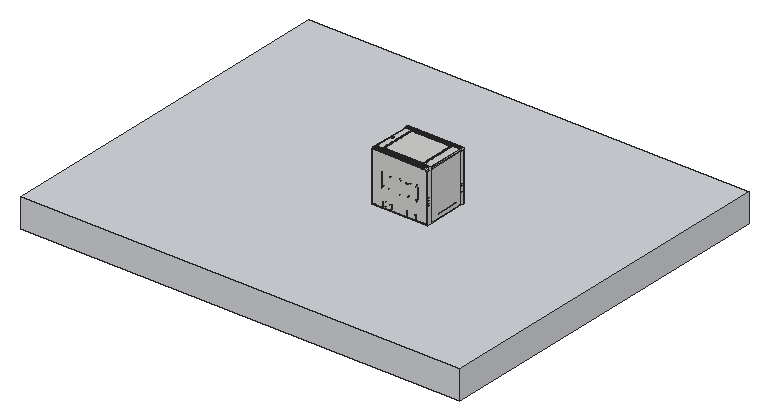
Revit family "Шкаф телекоммуникационный настенный разборный 19” 600x550_1", category Обобщенные модели, Revit 2019 (continued)
Definition of nested family "Крышка 550"
  Parameters (values of type "Крышка 550")
    Default Elevation = 0 mm
    ADSK_Размер_Ширина = 600 mm
    ADSK_Размер_Глубина = 550 mm
    ADSK_Материал = none
  Reference planes
    plane 1 "По центру (Вперед/Назад)": y = 0
    plane 2: z = 0
    plane 3 "По центру (Влево/Вправо)": x = 0
    plane 4: x = 300
    plane 5: x = -300
    plane 6: y = 250
    plane 7: y = -250
    plane 8: z = 550
  Forms (mm)
    Extrusion 1, solid
      sketch origin (0, 0, 0) x (1, 0, 0) y (0, 1, 0)
        loop
          line (-1219.2, 1219.2) -> (-1219.2, -1219.2) -> (1219.2, -1219.2) -> (1219.2, 1219.2) -> (-1219.2, 1219.2)
      from 0 to -304.8
    Extrusion 2, solid, material <- "ADSK_Материал", detail levels medium+fine
      sketch origin (0, 310.254, -563.001) x (0, 1, 0) y (0, 0, 1)
        loop
          arc (-60.254, 1094.781) -> (-60.483, 1095.929) -> (-61.133, 1096.903) r 3
          line (-61.133, 1096.903) -> (-76.353, 1112.122)
          arc (-76.353, 1112.122) -> (-77.326, 1112.773) -> (-78.474, 1113.001) r 3
          line (-78.474, 1113.001) -> (-97.254, 1113.001)
          arc (-97.254, 1113.001) -> (-99.376, 1112.122) -> (-100.254, 1110.001) r 3
          line (-100.254, 1110.001) -> (-100.254, 566.001)
          arc (-100.254, 566.001) -> (-99.376, 563.88) -> (-97.254, 563.001) r 3
          line (-97.254, 563.001) -> (-63.254, 563.001)
          arc (-63.254, 563.001) -> (-61.133, 563.88) -> (-60.254, 566.001) r 3
          line (-60.254, 566.001) -> (-60.254, 1094.781)
      from -300 to 300
    Extrusion 3, void, detail levels medium+fine
      sketch origin (-302.566, 67.262, 0) x (1, 0, 0) y (0, 1, 0)
        loop
          line (31.066, 172.333) -> (31.066, 148.933)
          arc (31.066, 148.933) -> (32.566, 147.433) -> (34.066, 148.933) r 1.5
          line (34.066, 148.933) -> (34.066, 172.333)
          arc (34.066, 172.333) -> (32.566, 173.833) -> (31.066, 172.333) r 1.5
      from 540 to 550 <- "ADSK_Размер_Глубина"
    Extrusion 4, void, detail levels medium+fine
      sketch origin (0, 0, 0) x (1, 0, 0) y (0, 1, 0)
        loop
          arc (-300, 246.971) -> (-299.113, 249.113) -> (-296.971, 250) r 3.029
          line (-296.971, 250) -> (-300, 250) -> (-300, 246.971)
      from 0 to 550 <- "ADSK_Размер_Глубина"
    Extrusion 5, void, detail levels medium+fine
      sketch origin (0, 0, 0) x (-1, 0, 0) y (0, -1, 0)
        loop
          line (-300, -246.971) -> (-300, -250) -> (-296.971, -250)
          arc (-296.971, -250) -> (-299.113, -249.113) -> (-300, -246.971) r 3.029
      from 0 to 550 <- "ADSK_Размер_Глубина"
    Extrusion 6, void, detail levels medium+fine
      sketch origin (0, 0, -294.506) x (0, 1, 0) y (0, 0, 1)
        loop
          line (238.196, 326.499) -> (216.196, 326.499)
          arc (216.196, 326.499) -> (214.449, 324.752) -> (216.196, 323.006) r 1.747
          line (216.196, 323.006) -> (238.196, 323.006)
          arc (238.196, 323.006) -> (239.942, 324.752) -> (238.196, 326.499) r 1.747
      from 299 to 300
    Extrusion 7, void, detail levels medium+fine
      sketch origin (0, 0, 0) x (1, 0, 0) y (0, 0, 1)
        loop
          line (-101, 212) -> (-101, 214) -> (-193, 214) -> (-193, 274) -> (-195, 274) -> (-195, 212) -> (-101, 212)
        loop
          line (-100, 212) -> (100, 212) -> (100, 214) -> (-100, 214) -> (-100, 212)
        loop
          line (101, 212) -> (195, 212) -> (195, 274) -> (193, 274) -> (193, 214) -> (101, 214) -> (101, 212)
        loop
          line (-101, 338) -> (-195, 338) -> (-195, 276) -> (-193, 276) -> (-193, 336) -> (-101, 336) -> (-101, 338)
        loop
          line (-100, 338) -> (-100, 336) -> (100, 336) -> (100, 338) -> (-100, 338)
        loop
          line (101, 338) -> (101, 336) -> (193, 336) -> (193, 276) -> (195, 276) -> (195, 338) -> (101, 338)
        loop
          circle (189.7, 199.5) r 3.3
        loop
          circle (0, 199.5) r 3.3
        loop
          circle (-189.7, 199.5) r 3.3
        loop
          circle (189.7, 350.5) r 3.3
        loop
          circle (0, 350.5) r 3.3
        loop
          circle (-189.7, 350.5) r 3.3
        loop
          line (83, 65) -> (83, 63) -> (177, 63) -> (177, 65) -> (83, 65)
        loop
          line (178, 65) -> (178, 15) -> (180, 15) -> (180, 65) -> (178, 65)
        loop
          line (83, 15) -> (177, 15) -> (177, 17) -> (83, 17) -> (83, 15)
        loop
          line (82, 65) -> (80, 65) -> (80, 15) -> (82, 15) -> (82, 65)
        loop
          line (-83, 65) -> (-177, 65) -> (-177, 63) -> (-83, 63) -> (-83, 65)
        loop
          line (-178, 65) -> (-180, 65) -> (-180, 15) -> (-178, 15) -> (-178, 65)
        loop
          line (-83, 15) -> (-83, 17) -> (-177, 17) -> (-177, 15) -> (-83, 15)
        loop
          line (-82, 65) -> (-82, 15) -> (-80, 15) -> (-80, 65) -> (-82, 65)
      from -250 to -210
    Extrusion 8, void, detail levels medium+fine
      sketch origin (0, 0, 0) x (0, 1, 0) y (0, 0, 1)
        loop
          arc (213.847, 549.125) -> (211.726, 548.247) -> (210.847, 546.125) r 3
          line (210.847, 546.125) -> (210, 546.125) -> (210, 3.911) -> (210.847, 3.911)
          arc (210.847, 3.911) -> (211.726, 1.79) -> (213.847, 0.911) r 3
          line (213.847, 0.911) -> (246, 0.911)
          arc (246, 0.911) -> (248.121, 1.79) -> (249, 3.911) r 3
          line (249, 3.911) -> (249, 531.785)
          arc (249, 531.785) -> (248.772, 532.932) -> (248.122, 533.904) r 2.997
          line (248.122, 533.904) -> (233.78, 548.247)
          arc (233.78, 548.247) -> (232.807, 548.897) -> (231.659, 549.125) r 3
          line (231.659, 549.125) -> (213.847, 549.125)
      from -299 to 299
    Extrusion 9, void, detail levels medium+fine
      sketch origin (0, 0, -284.506) x (0, 1, 0) y (0, 0, 1)
        loop
          line (238.196, 326.499) -> (216.196, 326.499)
          arc (216.196, 326.499) -> (214.449, 324.752) -> (216.196, 323.006) r 1.747
          line (216.196, 323.006) -> (238.196, 323.006)
          arc (238.196, 323.006) -> (239.942, 324.752) -> (238.196, 326.499) r 1.747
      from 299 to 300
    Extrusion 10, void, detail levels medium+fine
      sketch origin (0, 0, -274.506) x (0, 1, 0) y (0, 0, 1)
        loop
          line (238.196, 326.499) -> (216.196, 326.499)
          arc (216.196, 326.499) -> (214.449, 324.752) -> (216.196, 323.006) r 1.747
          line (216.196, 323.006) -> (238.196, 323.006)
          arc (238.196, 323.006) -> (239.942, 324.752) -> (238.196, 326.499) r 1.747
      from 299 to 300
    Extrusion 11, void, detail levels medium+fine
      sketch origin (0, 0, -264.506) x (0, 1, 0) y (0, 0, 1)
        loop
          line (238.196, 326.499) -> (216.196, 326.499)
          arc (216.196, 326.499) -> (214.449, 324.752) -> (216.196, 323.006) r 1.747
          line (216.196, 323.006) -> (238.196, 323.006)
          arc (238.196, 323.006) -> (239.942, 324.752) -> (238.196, 326.499) r 1.747
      from 299 to 300
    Extrusion 12, void, detail levels medium+fine
      sketch origin (0, 0, -254.506) x (0, 1, 0) y (0, 0, 1)
        loop
          line (238.196, 326.499) -> (216.196, 326.499)
          arc (216.196, 326.499) -> (214.449, 324.752) -> (216.196, 323.006) r 1.747
          line (216.196, 323.006) -> (238.196, 323.006)
          arc (238.196, 323.006) -> (239.942, 324.752) -> (238.196, 326.499) r 1.747
      from 299 to 300
    Extrusion 13, void, detail levels medium+fine
      sketch origin (0, 0, -244.506) x (0, 1, 0) y (0, 0, 1)
        loop
          line (238.196, 326.499) -> (216.196, 326.499)
          arc (216.196, 326.499) -> (214.449, 324.752) -> (216.196, 323.006) r 1.747
          line (216.196, 323.006) -> (238.196, 323.006)
          arc (238.196, 323.006) -> (239.942, 324.752) -> (238.196, 326.499) r 1.747
      from 299 to 300
    Extrusion 14, void, detail levels medium+fine
      sketch origin (0, 0, -234.506) x (0, 1, 0) y (0, 0, 1)
        loop
          line (238.196, 326.499) -> (216.196, 326.499)
          arc (216.196, 326.499) -> (214.449, 324.752) -> (216.196, 323.006) r 1.747
          line (216.196, 323.006) -> (238.196, 323.006)
          arc (238.196, 323.006) -> (239.942, 324.752) -> (238.196, 326.499) r 1.747
      from 299 to 300
    Extrusion 15, void, detail levels medium+fine
      sketch origin (0, 0, -224.506) x (0, 1, 0) y (0, 0, 1)
        loop
          line (238.196, 326.499) -> (216.196, 326.499)
          arc (216.196, 326.499) -> (214.449, 324.752) -> (216.196, 323.006) r 1.747
          line (216.196, 323.006) -> (238.196, 323.006)
          arc (238.196, 323.006) -> (239.942, 324.752) -> (238.196, 326.499) r 1.747
      from 299 to 300
    Extrusion 16, void, detail levels medium+fine
      sketch origin (0, 0, -214.506) x (0, 1, 0) y (0, 0, 1)
        loop
          line (238.196, 326.499) -> (216.196, 326.499)
          arc (216.196, 326.499) -> (214.449, 324.752) -> (216.196, 323.006) r 1.747
          line (216.196, 323.006) -> (238.196, 323.006)
          arc (238.196, 323.006) -> (239.942, 324.752) -> (238.196, 326.499) r 1.747
      from 299 to 300
    Extrusion 17, void, detail levels medium+fine
      sketch origin (0, 0, -204.506) x (0, 1, 0) y (0, 0, 1)
        loop
          line (238.196, 326.499) -> (216.196, 326.499)
          arc (216.196, 326.499) -> (214.449, 324.752) -> (216.196, 323.006) r 1.747
          line (216.196, 323.006) -> (238.196, 323.006)
          arc (238.196, 323.006) -> (239.942, 324.752) -> (238.196, 326.499) r 1.747
      from 299 to 300
    Extrusion 18, void, detail levels medium+fine
      sketch origin (0, 0, -194.506) x (0, 1, 0) y (0, 0, 1)
        loop
          line (238.196, 326.499) -> (216.196, 326.499)
          arc (216.196, 326.499) -> (214.449, 324.752) -> (216.196, 323.006) r 1.747
          line (216.196, 323.006) -> (238.196, 323.006)
          arc (238.196, 323.006) -> (239.942, 324.752) -> (238.196, 326.499) r 1.747
      from 299 to 300
    Extrusion 19, void, detail levels medium+fine
      sketch origin (0, 0, -184.506) x (0, 1, 0) y (0, 0, 1)
        loop
          line (238.196, 326.499) -> (216.196, 326.499)
          arc (216.196, 326.499) -> (214.449, 324.752) -> (216.196, 323.006) r 1.747
          line (216.196, 323.006) -> (238.196, 323.006)
          arc (238.196, 323.006) -> (239.942, 324.752) -> (238.196, 326.499) r 1.747
      from 299 to 300
    Extrusion 20, void, detail levels medium+fine
      sketch origin (0, 0, -174.506) x (0, 1, 0) y (0, 0, 1)
        loop
          line (238.196, 326.499) -> (216.196, 326.499)
          arc (216.196, 326.499) -> (214.449, 324.752) -> (216.196, 323.006) r 1.747
          line (216.196, 323.006) -> (238.196, 323.006)
          arc (238.196, 323.006) -> (239.942, 324.752) -> (238.196, 326.499) r 1.747
      from 299 to 300
    Extrusion 21, void, detail levels medium+fine
      sketch origin (0, 0, -164.506) x (0, 1, 0) y (0, 0, 1)
        loop
          line (238.196, 326.499) -> (216.196, 326.499)
          arc (216.196, 326.499) -> (214.449, 324.752) -> (216.196, 323.006) r 1.747
          line (216.196, 323.006) -> (238.196, 323.006)
          arc (238.196, 323.006) -> (239.942, 324.752) -> (238.196, 326.499) r 1.747
      from 299 to 300
    Extrusion 22, void, detail levels medium+fine
      sketch origin (0, 0, -154.506) x (0, 1, 0) y (0, 0, 1)
        loop
          line (238.196, 326.499) -> (216.196, 326.499)
          arc (216.196, 326.499) -> (214.449, 324.752) -> (216.196, 323.006) r 1.747
          line (216.196, 323.006) -> (238.196, 323.006)
          arc (238.196, 323.006) -> (239.942, 324.752) -> (238.196, 326.499) r 1.747
      from 299 to 300
    Extrusion 23, void, detail levels medium+fine
      sketch origin (0, 0, -144.506) x (0, 1, 0) y (0, 0, 1)
        loop
          line (238.196, 526.499) -> (216.196, 526.499)
          arc (216.196, 526.499) -> (214.449, 524.752) -> (216.196, 523.006) r 1.747
          line (216.196, 523.006) -> (238.196, 523.006)
          arc (238.196, 523.006) -> (239.942, 524.752) -> (238.196, 526.499) r 1.747
      from 299 to 300
    Extrusion 24, void, detail levels medium+fine
      sketch origin (0, 0, -134.506) x (0, 1, 0) y (0, 0, 1)
        loop
          line (238.196, 526.499) -> (216.196, 526.499)
          arc (216.196, 526.499) -> (214.449, 524.752) -> (216.196, 523.006) r 1.747
          line (216.196, 523.006) -> (238.196, 523.006)
          arc (238.196, 523.006) -> (239.942, 524.752) -> (238.196, 526.499) r 1.747
      from 299 to 300
    Extrusion 25, void, detail levels medium+fine
      sketch origin (0, 0, -124.506) x (0, 1, 0) y (0, 0, 1)
        loop
          line (238.196, 526.499) -> (216.196, 526.499)
          arc (216.196, 526.499) -> (214.449, 524.752) -> (216.196, 523.006) r 1.747
          line (216.196, 523.006) -> (238.196, 523.006)
          arc (238.196, 523.006) -> (239.942, 524.752) -> (238.196, 526.499) r 1.747
      from 299 to 300
    Extrusion 26, void, detail levels medium+fine
      sketch origin (0, 0, -114.506) x (0, 1, 0) y (0, 0, 1)
        loop
          line (238.196, 526.499) -> (216.196, 526.499)
          arc (216.196, 526.499) -> (214.449, 524.752) -> (216.196, 523.006) r 1.747
          line (216.196, 523.006) -> (238.196, 523.006)
          arc (238.196, 523.006) -> (239.942, 524.752) -> (238.196, 526.499) r 1.747
      from 299 to 300
    Extrusion 27, void, detail levels medium+fine
      sketch origin (0, 0, -104.506) x (0, 1, 0) y (0, 0, 1)
        loop
          line (238.196, 526.499) -> (216.196, 526.499)
          arc (216.196, 526.499) -> (214.449, 524.752) -> (216.196, 523.006) r 1.747
          line (216.196, 523.006) -> (238.196, 523.006)
          arc (238.196, 523.006) -> (239.942, 524.752) -> (238.196, 526.499) r 1.747
      from 299 to 300
    Extrusion 28, void, detail levels medium+fine
      sketch origin (0, 0, -94.506) x (0, 1, 0) y (0, 0, 1)
        loop
          line (238.196, 526.499) -> (216.196, 526.499)
          arc (216.196, 526.499) -> (214.449, 524.752) -> (216.196, 523.006) r 1.747
          line (216.196, 523.006) -> (238.196, 523.006)
          arc (238.196, 523.006) -> (239.942, 524.752) -> (238.196, 526.499) r 1.747
      from 299 to 300
    Extrusion 29, void, detail levels medium+fine
      sketch origin (0, 0, -84.506) x (0, 1, 0) y (0, 0, 1)
        loop
          line (238.196, 526.499) -> (216.196, 526.499)
          arc (216.196, 526.499) -> (214.449, 524.752) -> (216.196, 523.006) r 1.747
          line (216.196, 523.006) -> (238.196, 523.006)
          arc (238.196, 523.006) -> (239.942, 524.752) -> (238.196, 526.499) r 1.747
      from 299 to 300
    Extrusion 30, void, detail levels medium+fine
      sketch origin (0, 0, -74.506) x (0, 1, 0) y (0, 0, 1)
        loop
          line (238.196, 526.499) -> (216.196, 526.499)
          arc (216.196, 526.499) -> (214.449, 524.752) -> (216.196, 523.006) r 1.747
          line (216.196, 523.006) -> (238.196, 523.006)
          arc (238.196, 523.006) -> (239.942, 524.752) -> (238.196, 526.499) r 1.747
      from 299 to 300
    Extrusion 31, void, detail levels medium+fine
      sketch origin (0, 0, -64.506) x (0, 1, 0) y (0, 0, 1)
        loop
          line (238.196, 526.499) -> (216.196, 526.499)
          arc (216.196, 526.499) -> (214.449, 524.752) -> (216.196, 523.006) r 1.747
          line (216.196, 523.006) -> (238.196, 523.006)
          arc (238.196, 523.006) -> (239.942, 524.752) -> (238.196, 526.499) r 1.747
      from 299 to 300
    Extrusion 32, void, detail levels medium+fine
      sketch origin (0, 0, -54.506) x (0, 1, 0) y (0, 0, 1)
        loop
          line (238.196, 526.499) -> (216.196, 526.499)
          arc (216.196, 526.499) -> (214.449, 524.752) -> (216.196, 523.006) r 1.747
          line (216.196, 523.006) -> (238.196, 523.006)
          arc (238.196, 523.006) -> (239.942, 524.752) -> (238.196, 526.499) r 1.747
      from 299 to 300
    Extrusion 33, void, detail levels medium+fine
      sketch origin (0, 0, -44.506) x (0, 1, 0) y (0, 0, 1)
        loop
          line (238.196, 526.499) -> (216.196, 526.499)
          arc (216.196, 526.499) -> (214.449, 524.752) -> (216.196, 523.006) r 1.747
          line (216.196, 523.006) -> (238.196, 523.006)
          arc (238.196, 523.006) -> (239.942, 524.752) -> (238.196, 526.499) r 1.747
      from 299 to 300
    Extrusion 34, void, detail levels medium+fine
      sketch origin (0, 0, -34.506) x (0, 1, 0) y (0, 0, 1)
        loop
          line (238.196, 526.499) -> (216.196, 526.499)
          arc (216.196, 526.499) -> (214.449, 524.752) -> (216.196, 523.006) r 1.747
          line (216.196, 523.006) -> (238.196, 523.006)
          arc (238.196, 523.006) -> (239.942, 524.752) -> (238.196, 526.499) r 1.747
      from 299 to 300
    Extrusion 35, void, detail levels medium+fine
      sketch origin (0, 0, -24.506) x (0, 1, 0) y (0, 0, 1)
        loop
          line (238.196, 526.499) -> (216.196, 526.499)
          arc (216.196, 526.499) -> (214.449, 524.752) -> (216.196, 523.006) r 1.747
          line (216.196, 523.006) -> (238.196, 523.006)
          arc (238.196, 523.006) -> (239.942, 524.752) -> (238.196, 526.499) r 1.747
      from 299 to 300
    Extrusion 36, void, detail levels medium+fine
      sketch origin (0, 0, -14.506) x (0, 1, 0) y (0, 0, 1)
        loop
          line (238.196, 526.499) -> (216.196, 526.499)
          arc (216.196, 526.499) -> (214.449, 524.752) -> (216.196, 523.006) r 1.747
          line (216.196, 523.006) -> (238.196, 523.006)
          arc (238.196, 523.006) -> (239.942, 524.752) -> (238.196, 526.499) r 1.747
      from 299 to 300
    Extrusion 37, void, detail levels medium+fine
      sketch origin (0, 0, -4.506) x (0, 1, 0) y (0, 0, 1)
        loop
          line (238.196, 526.499) -> (216.196, 526.499)
          arc (216.196, 526.499) -> (214.449, 524.752) -> (216.196, 523.006) r 1.747
          line (216.196, 523.006) -> (238.196, 523.006)
          arc (238.196, 523.006) -> (239.942, 524.752) -> (238.196, 526.499) r 1.747
      from 299 to 300
    Extrusion 38, void, detail levels medium+fine
      sketch origin (0, 0, -94.506) x (0, 1, 0) y (0, 0, -1)
        loop
          arc (238.196, -526.499) -> (239.942, -524.752) -> (238.196, -523.006) r 1.747
          line (238.196, -523.006) -> (216.196, -523.006)
          arc (216.196, -523.006) -> (214.449, -524.752) -> (216.196, -526.499) r 1.747
          line (216.196, -526.499) -> (238.196, -526.499)
      from 299 to 300
    Extrusion 39, void, detail levels medium+fine
      sketch origin (0, 0, -84.506) x (0, 1, 0) y (0, 0, -1)
        loop
          arc (238.196, -526.499) -> (239.942, -524.752) -> (238.196, -523.006) r 1.747
          line (238.196, -523.006) -> (216.196, -523.006)
          arc (216.196, -523.006) -> (214.449, -524.752) -> (216.196, -526.499) r 1.747
          line (216.196, -526.499) -> (238.196, -526.499)
      from 299 to 300
    Extrusion 40, void, detail levels medium+fine
      sketch origin (0, 0, -74.506) x (0, 1, 0) y (0, 0, -1)
        loop
          arc (238.196, -526.499) -> (239.942, -524.752) -> (238.196, -523.006) r 1.747
          line (238.196, -523.006) -> (216.196, -523.006)
          arc (216.196, -523.006) -> (214.449, -524.752) -> (216.196, -526.499) r 1.747
          line (216.196, -526.499) -> (238.196, -526.499)
      from 299 to 300
    Extrusion 41, void, detail levels medium+fine
      sketch origin (0, 0, -64.506) x (0, 1, 0) y (0, 0, -1)
        loop
          arc (238.196, -526.499) -> (239.942, -524.752) -> (238.196, -523.006) r 1.747
          line (238.196, -523.006) -> (216.196, -523.006)
          arc (216.196, -523.006) -> (214.449, -524.752) -> (216.196, -526.499) r 1.747
          line (216.196, -526.499) -> (238.196, -526.499)
      from 299 to 300
    Extrusion 42, void, detail levels medium+fine
      sketch origin (0, 0, -54.506) x (0, 1, 0) y (0, 0, -1)
        loop
          arc (238.196, -526.499) -> (239.942, -524.752) -> (238.196, -523.006) r 1.747
          line (238.196, -523.006) -> (216.196, -523.006)
          arc (216.196, -523.006) -> (214.449, -524.752) -> (216.196, -526.499) r 1.747
          line (216.196, -526.499) -> (238.196, -526.499)
      from 299 to 300
    Extrusion 43, void, detail levels medium+fine
      sketch origin (0, 0, -44.506) x (0, 1, 0) y (0, 0, -1)
        loop
          arc (238.196, -526.499) -> (239.942, -524.752) -> (238.196, -523.006) r 1.747
          line (238.196, -523.006) -> (216.196, -523.006)
          arc (216.196, -523.006) -> (214.449, -524.752) -> (216.196, -526.499) r 1.747
          line (216.196, -526.499) -> (238.196, -526.499)
      from 299 to 300
    Extrusion 44, void, detail levels medium+fine
      sketch origin (0, 0, -34.506) x (0, 1, 0) y (0, 0, -1)
        loop
          arc (238.196, -526.499) -> (239.942, -524.752) -> (238.196, -523.006) r 1.747
          line (238.196, -523.006) -> (216.196, -523.006)
          arc (216.196, -523.006) -> (214.449, -524.752) -> (216.196, -526.499) r 1.747
          line (216.196, -526.499) -> (238.196, -526.499)
      from 299 to 300
    Extrusion 45, void, detail levels medium+fine
      sketch origin (0, 0, -24.506) x (0, 1, 0) y (0, 0, -1)
        loop
          arc (238.196, -526.499) -> (239.942, -524.752) -> (238.196, -523.006) r 1.747
          line (238.196, -523.006) -> (216.196, -523.006)
          arc (216.196, -523.006) -> (214.449, -524.752) -> (216.196, -526.499) r 1.747
          line (216.196, -526.499) -> (238.196, -526.499)
      from 299 to 300
    Extrusion 46, void, detail levels medium+fine
      sketch origin (0, 0, -14.506) x (0, 1, 0) y (0, 0, -1)
        loop
          arc (238.196, -526.499) -> (239.942, -524.752) -> (238.196, -523.006) r 1.747
          line (238.196, -523.006) -> (216.196, -523.006)
          arc (216.196, -523.006) -> (214.449, -524.752) -> (216.196, -526.499) r 1.747
          line (216.196, -526.499) -> (238.196, -526.499)
      from 299 to 300
    Extrusion 47, void, detail levels medium+fine
      sketch origin (0, 0, -4.506) x (0, 1, 0) y (0, 0, -1)
        loop
          arc (238.196, -526.499) -> (239.942, -524.752) -> (238.196, -523.006) r 1.747
          line (238.196, -523.006) -> (216.196, -523.006)
          arc (216.196, -523.006) -> (214.449, -524.752) -> (216.196, -526.499) r 1.747
          line (216.196, -526.499) -> (238.196, -526.499)
      from 299 to 300
    Extrusion 48, void, detail levels medium+fine
      sketch origin (0, 0, -144.506) x (0, 1, 0) y (0, 0, -1)
        loop
          arc (238.196, -526.499) -> (239.942, -524.752) -> (238.196, -523.006) r 1.747
          line (238.196, -523.006) -> (216.196, -523.006)
          arc (216.196, -523.006) -> (214.449, -524.752) -> (216.196, -526.499) r 1.747
          line (216.196, -526.499) -> (238.196, -526.499)
      from 299 to 300
    Extrusion 49, void, detail levels medium+fine
      sketch origin (0, 0, -134.506) x (0, 1, 0) y (0, 0, -1)
        loop
          arc (238.196, -526.499) -> (239.942, -524.752) -> (238.196, -523.006) r 1.747
          line (238.196, -523.006) -> (216.196, -523.006)
          arc (216.196, -523.006) -> (214.449, -524.752) -> (216.196, -526.499) r 1.747
          line (216.196, -526.499) -> (238.196, -526.499)
      from 299 to 300
    Extrusion 50, void, detail levels medium+fine
      sketch origin (0, 0, -124.506) x (0, 1, 0) y (0, 0, -1)
        loop
          arc (238.196, -526.499) -> (239.942, -524.752) -> (238.196, -523.006) r 1.747
          line (238.196, -523.006) -> (216.196, -523.006)
          arc (216.196, -523.006) -> (214.449, -524.752) -> (216.196, -526.499) r 1.747
          line (216.196, -526.499) -> (238.196, -526.499)
      from 299 to 300
    Extrusion 51, void, detail levels medium+fine
      sketch origin (0, 0, -114.506) x (0, 1, 0) y (0, 0, -1)
        loop
          arc (238.196, -526.499) -> (239.942, -524.752) -> (238.196, -523.006) r 1.747
          line (238.196, -523.006) -> (216.196, -523.006)
          arc (216.196, -523.006) -> (214.449, -524.752) -> (216.196, -526.499) r 1.747
          line (216.196, -526.499) -> (238.196, -526.499)
      from 299 to 300
    Extrusion 52, void, detail levels medium+fine
      sketch origin (0, 0, -104.506) x (0, 1, 0) y (0, 0, -1)
        loop
          arc (238.196, -526.499) -> (239.942, -524.752) -> (238.196, -523.006) r 1.747
          line (238.196, -523.006) -> (216.196, -523.006)
          arc (216.196, -523.006) -> (214.449, -524.752) -> (216.196, -526.499) r 1.747
          line (216.196, -526.499) -> (238.196, -526.499)
      from 299 to 300
    Extrusion 53, void, detail levels medium+fine
      sketch origin (0, 0, -194.506) x (0, 1, 0) y (0, 0, -1)
        loop
          arc (238.196, -326.499) -> (239.942, -324.752) -> (238.196, -323.006) r 1.747
          line (238.196, -323.006) -> (216.196, -323.006)
          arc (216.196, -323.006) -> (214.449, -324.752) -> (216.196, -326.499) r 1.747
          line (216.196, -326.499) -> (238.196, -326.499)
      from 299 to 300
    Extrusion 54, void, detail levels medium+fine
      sketch origin (0, 0, -184.506) x (0, 1, 0) y (0, 0, -1)
        loop
          arc (238.196, -326.499) -> (239.942, -324.752) -> (238.196, -323.006) r 1.747
          line (238.196, -323.006) -> (216.196, -323.006)
          arc (216.196, -323.006) -> (214.449, -324.752) -> (216.196, -326.499) r 1.747
          line (216.196, -326.499) -> (238.196, -326.499)
      from 299 to 300
    Extrusion 55, void, detail levels medium+fine
      sketch origin (0, 0, -174.506) x (0, 1, 0) y (0, 0, -1)
        loop
          arc (238.196, -326.499) -> (239.942, -324.752) -> (238.196, -323.006) r 1.747
          line (238.196, -323.006) -> (216.196, -323.006)
          arc (216.196, -323.006) -> (214.449, -324.752) -> (216.196, -326.499) r 1.747
          line (216.196, -326.499) -> (238.196, -326.499)
      from 299 to 300
    Extrusion 56, void, detail levels medium+fine
      sketch origin (0, 0, -164.506) x (0, 1, 0) y (0, 0, -1)
        loop
          arc (238.196, -326.499) -> (239.942, -324.752) -> (238.196, -323.006) r 1.747
          line (238.196, -323.006) -> (216.196, -323.006)
          arc (216.196, -323.006) -> (214.449, -324.752) -> (216.196, -326.499) r 1.747
          line (216.196, -326.499) -> (238.196, -326.499)
      from 299 to 300
    Extrusion 57, void, detail levels medium+fine
      sketch origin (0, 0, -154.506) x (0, 1, 0) y (0, 0, -1)
        loop
          arc (238.196, -326.499) -> (239.942, -324.752) -> (238.196, -323.006) r 1.747
          line (238.196, -323.006) -> (216.196, -323.006)
          arc (216.196, -323.006) -> (214.449, -324.752) -> (216.196, -326.499) r 1.747
          line (216.196, -326.499) -> (238.196, -326.499)
      from 299 to 300
    Extrusion 58, void, detail levels medium+fine
      sketch origin (0, 0, -244.506) x (0, 1, 0) y (0, 0, -1)
        loop
          arc (238.196, -326.499) -> (239.942, -324.752) -> (238.196, -323.006) r 1.747
          line (238.196, -323.006) -> (216.196, -323.006)
          arc (216.196, -323.006) -> (214.449, -324.752) -> (216.196, -326.499) r 1.747
          line (216.196, -326.499) -> (238.196, -326.499)
      from 299 to 300
    Extrusion 59, void, detail levels medium+fine
      sketch origin (0, 0, -234.506) x (0, 1, 0) y (0, 0, -1)
        loop
          arc (238.196, -326.499) -> (239.942, -324.752) -> (238.196, -323.006) r 1.747
          line (238.196, -323.006) -> (216.196, -323.006)
          arc (216.196, -323.006) -> (214.449, -324.752) -> (216.196, -326.499) r 1.747
          line (216.196, -326.499) -> (238.196, -326.499)
      from 299 to 300
    Extrusion 60, void, detail levels medium+fine
      sketch origin (0, 0, -224.506) x (0, 1, 0) y (0, 0, -1)
        loop
          arc (238.196, -326.499) -> (239.942, -324.752) -> (238.196, -323.006) r 1.747
          line (238.196, -323.006) -> (216.196, -323.006)
          arc (216.196, -323.006) -> (214.449, -324.752) -> (216.196, -326.499) r 1.747
          line (216.196, -326.499) -> (238.196, -326.499)
      from 299 to 300
    Extrusion 61, void, detail levels medium+fine
      sketch origin (0, 0, -214.506) x (0, 1, 0) y (0, 0, -1)
        loop
          arc (238.196, -326.499) -> (239.942, -324.752) -> (238.196, -323.006) r 1.747
          line (238.196, -323.006) -> (216.196, -323.006)
          arc (216.196, -323.006) -> (214.449, -324.752) -> (216.196, -326.499) r 1.747
          line (216.196, -326.499) -> (238.196, -326.499)
      from 299 to 300
    Extrusion 62, void, detail levels medium+fine
      sketch origin (0, 0, -204.506) x (0, 1, 0) y (0, 0, -1)
        loop
          arc (238.196, -326.499) -> (239.942, -324.752) -> (238.196, -323.006) r 1.747
          line (238.196, -323.006) -> (216.196, -323.006)
          arc (216.196, -323.006) -> (214.449, -324.752) -> (216.196, -326.499) r 1.747
          line (216.196, -326.499) -> (238.196, -326.499)
      from 299 to 300
    Extrusion 63, void, detail levels medium+fine
      sketch origin (0, 0, -294.506) x (0, 1, 0) y (0, 0, -1)
        loop
          arc (238.196, -326.499) -> (239.942, -324.752) -> (238.196, -323.006) r 1.747
          line (238.196, -323.006) -> (216.196, -323.006)
          arc (216.196, -323.006) -> (214.449, -324.752) -> (216.196, -326.499) r 1.747
          line (216.196, -326.499) -> (238.196, -326.499)
      from 299 to 300
    Extrusion 64, void, detail levels medium+fine
      sketch origin (0, 0, -284.506) x (0, 1, 0) y (0, 0, -1)
        loop
          arc (238.196, -326.499) -> (239.942, -324.752) -> (238.196, -323.006) r 1.747
          line (238.196, -323.006) -> (216.196, -323.006)
          arc (216.196, -323.006) -> (214.449, -324.752) -> (216.196, -326.499) r 1.747
          line (216.196, -326.499) -> (238.196, -326.499)
      from 299 to 300
    Extrusion 65, void, detail levels medium+fine
      sketch origin (0, 0, -274.506) x (0, 1, 0) y (0, 0, -1)
        loop
          arc (238.196, -326.499) -> (239.942, -324.752) -> (238.196, -323.006) r 1.747
          line (238.196, -323.006) -> (216.196, -323.006)
          arc (216.196, -323.006) -> (214.449, -324.752) -> (216.196, -326.499) r 1.747
          line (216.196, -326.499) -> (238.196, -326.499)
      from 299 to 300
    Extrusion 66, void, detail levels medium+fine
      sketch origin (0, 0, -264.506) x (0, 1, 0) y (0, 0, -1)
        loop
          arc (238.196, -326.499) -> (239.942, -324.752) -> (238.196, -323.006) r 1.747
          line (238.196, -323.006) -> (216.196, -323.006)
          arc (216.196, -323.006) -> (214.449, -324.752) -> (216.196, -326.499) r 1.747
          line (216.196, -326.499) -> (238.196, -326.499)
      from 299 to 300
    Extrusion 67, void, detail levels medium+fine
      sketch origin (0, 0, -254.506) x (0, 1, 0) y (0, 0, -1)
        loop
          arc (238.196, -326.499) -> (239.942, -324.752) -> (238.196, -323.006) r 1.747
          line (238.196, -323.006) -> (216.196, -323.006)
          arc (216.196, -323.006) -> (214.449, -324.752) -> (216.196, -326.499) r 1.747
          line (216.196, -326.499) -> (238.196, -326.499)
      from 299 to 300
    Extrusion 68, void, detail levels medium+fine
      sketch origin (-292.566, 67.262, 0) x (1, 0, 0) y (0, 1, 0)
        loop
          line (31.066, 172.333) -> (31.066, 148.933)
          arc (31.066, 148.933) -> (32.566, 147.433) -> (34.066, 148.933) r 1.5
          line (34.066, 148.933) -> (34.066, 172.333)
          arc (34.066, 172.333) -> (32.566, 173.833) -> (31.066, 172.333) r 1.5
      from 540 to 550 <- "ADSK_Размер_Глубина"
    Extrusion 69, void, detail levels medium+fine
      sketch origin (-282.566, 67.262, 0) x (1, 0, 0) y (0, 1, 0)
        loop
          line (31.066, 172.333) -> (31.066, 148.933)
          arc (31.066, 148.933) -> (32.566, 147.433) -> (34.066, 148.933) r 1.5
          line (34.066, 148.933) -> (34.066, 172.333)
          arc (34.066, 172.333) -> (32.566, 173.833) -> (31.066, 172.333) r 1.5
      from 540 to 550 <- "ADSK_Размер_Глубина"
    Extrusion 70, void, detail levels medium+fine
      sketch origin (-272.566, 67.262, 0) x (1, 0, 0) y (0, 1, 0)
        loop
          line (31.066, 172.333) -> (31.066, 148.933)
          arc (31.066, 148.933) -> (32.566, 147.433) -> (34.066, 148.933) r 1.5
          line (34.066, 148.933) -> (34.066, 172.333)
          arc (34.066, 172.333) -> (32.566, 173.833) -> (31.066, 172.333) r 1.5
      from 540 to 550 <- "ADSK_Размер_Глубина"
    Extrusion 71, void, detail levels medium+fine
      sketch origin (-262.566, 67.262, 0) x (1, 0, 0) y (0, 1, 0)
        loop
          line (31.066, 172.333) -> (31.066, 148.933)
          arc (31.066, 148.933) -> (32.566, 147.433) -> (34.066, 148.933) r 1.5
          line (34.066, 148.933) -> (34.066, 172.333)
          arc (34.066, 172.333) -> (32.566, 173.833) -> (31.066, 172.333) r 1.5
      from 540 to 550 <- "ADSK_Размер_Глубина"
    Extrusion 72, void, detail levels medium+fine
      sketch origin (-252.566, 67.262, 0) x (1, 0, 0) y (0, 1, 0)
        loop
          line (31.066, 172.333) -> (31.066, 148.933)
          arc (31.066, 148.933) -> (32.566, 147.433) -> (34.066, 148.933) r 1.5
          line (34.066, 148.933) -> (34.066, 172.333)
          arc (34.066, 172.333) -> (32.566, 173.833) -> (31.066, 172.333) r 1.5
      from 540 to 550 <- "ADSK_Размер_Глубина"
    Extrusion 73, void, detail levels medium+fine
      sketch origin (-242.566, 67.262, 0) x (1, 0, 0) y (0, 1, 0)
        loop
          line (31.066, 172.333) -> (31.066, 148.933)
          arc (31.066, 148.933) -> (32.566, 147.433) -> (34.066, 148.933) r 1.5
          line (34.066, 148.933) -> (34.066, 172.333)
          arc (34.066, 172.333) -> (32.566, 173.833) -> (31.066, 172.333) r 1.5
      from 540 to 550 <- "ADSK_Размер_Глубина"
    Extrusion 74, void, detail levels medium+fine
      sketch origin (-232.566, 67.262, 0) x (1, 0, 0) y (0, 1, 0)
        loop
          line (31.066, 172.333) -> (31.066, 148.933)
          arc (31.066, 148.933) -> (32.566, 147.433) -> (34.066, 148.933) r 1.5
          line (34.066, 148.933) -> (34.066, 172.333)
          arc (34.066, 172.333) -> (32.566, 173.833) -> (31.066, 172.333) r 1.5
      from 540 to 550 <- "ADSK_Размер_Глубина"
    Extrusion 75, void, detail levels medium+fine
      sketch origin (-222.566, 67.262, 0) x (1, 0, 0) y (0, 1, 0)
        loop
          line (31.066, 172.333) -> (31.066, 148.933)
          arc (31.066, 148.933) -> (32.566, 147.433) -> (34.066, 148.933) r 1.5
          line (34.066, 148.933) -> (34.066, 172.333)
          arc (34.066, 172.333) -> (32.566, 173.833) -> (31.066, 172.333) r 1.5
      from 540 to 550 <- "ADSK_Размер_Глубина"
    Extrusion 76, void, detail levels medium+fine
      sketch origin (-212.566, 67.262, 0) x (1, 0, 0) y (0, 1, 0)
        loop
          line (31.066, 172.333) -> (31.066, 148.933)
          arc (31.066, 148.933) -> (32.566, 147.433) -> (34.066, 148.933) r 1.5
          line (34.066, 148.933) -> (34.066, 172.333)
          arc (34.066, 172.333) -> (32.566, 173.833) -> (31.066, 172.333) r 1.5
      from 540 to 550 <- "ADSK_Размер_Глубина"
    Extrusion 77, void, detail levels medium+fine
      sketch origin (-202.566, 67.262, 0) x (1, 0, 0) y (0, 1, 0)
        loop
          line (31.066, 172.333) -> (31.066, 148.933)
          arc (31.066, 148.933) -> (32.566, 147.433) -> (34.066, 148.933) r 1.5
          line (34.066, 148.933) -> (34.066, 172.333)
          arc (34.066, 172.333) -> (32.566, 173.833) -> (31.066, 172.333) r 1.5
      from 540 to 550 <- "ADSK_Размер_Глубина"
    Extrusion 78, void, detail levels medium+fine
      sketch origin (-192.566, 67.262, 0) x (1, 0, 0) y (0, 1, 0)
        loop
          line (31.066, 172.333) -> (31.066, 148.933)
          arc (31.066, 148.933) -> (32.566, 147.433) -> (34.066, 148.933) r 1.5
          line (34.066, 148.933) -> (34.066, 172.333)
          arc (34.066, 172.333) -> (32.566, 173.833) -> (31.066, 172.333) r 1.5
      from 540 to 550 <- "ADSK_Размер_Глубина"
    Extrusion 79, void, detail levels medium+fine
      sketch origin (-182.566, 67.262, 0) x (1, 0, 0) y (0, 1, 0)
        loop
          line (31.066, 172.333) -> (31.066, 148.933)
          arc (31.066, 148.933) -> (32.566, 147.433) -> (34.066, 148.933) r 1.5
          line (34.066, 148.933) -> (34.066, 172.333)
          arc (34.066, 172.333) -> (32.566, 173.833) -> (31.066, 172.333) r 1.5
      from 540 to 550 <- "ADSK_Размер_Глубина"
    Extrusion 80, void, detail levels medium+fine
      sketch origin (-172.566, 67.262, 0) x (1, 0, 0) y (0, 1, 0)
        loop
          line (31.066, 172.333) -> (31.066, 148.933)
          arc (31.066, 148.933) -> (32.566, 147.433) -> (34.066, 148.933) r 1.5
          line (34.066, 148.933) -> (34.066, 172.333)
          arc (34.066, 172.333) -> (32.566, 173.833) -> (31.066, 172.333) r 1.5
      from 540 to 550 <- "ADSK_Размер_Глубина"
    Extrusion 81, void, detail levels medium+fine
      sketch origin (-162.566, 67.262, 0) x (1, 0, 0) y (0, 1, 0)
        loop
          line (31.066, 172.333) -> (31.066, 148.933)
          arc (31.066, 148.933) -> (32.566, 147.433) -> (34.066, 148.933) r 1.5
          line (34.066, 148.933) -> (34.066, 172.333)
          arc (34.066, 172.333) -> (32.566, 173.833) -> (31.066, 172.333) r 1.5
      from 540 to 550 <- "ADSK_Размер_Глубина"
    Extrusion 82, void, detail levels medium+fine
      sketch origin (-152.566, 67.262, 0) x (1, 0, 0) y (0, 1, 0)
        loop
          line (31.066, 172.333) -> (31.066, 148.933)
          arc (31.066, 148.933) -> (32.566, 147.433) -> (34.066, 148.933) r 1.5
          line (34.066, 148.933) -> (34.066, 172.333)
          arc (34.066, 172.333) -> (32.566, 173.833) -> (31.066, 172.333) r 1.5
      from 540 to 550 <- "ADSK_Размер_Глубина"
    Extrusion 83, void, detail levels medium+fine
      sketch origin (-142.566, 67.262, 0) x (1, 0, 0) y (0, 1, 0)
        loop
          line (31.066, 172.333) -> (31.066, 148.933)
          arc (31.066, 148.933) -> (32.566, 147.433) -> (34.066, 148.933) r 1.5
          line (34.066, 148.933) -> (34.066, 172.333)
          arc (34.066, 172.333) -> (32.566, 173.833) -> (31.066, 172.333) r 1.5
      from 540 to 550 <- "ADSK_Размер_Глубина"
    Extrusion 84, void, detail levels medium+fine
      sketch origin (-132.566, 67.262, 0) x (1, 0, 0) y (0, 1, 0)
        loop
          line (31.066, 172.333) -> (31.066, 148.933)
          arc (31.066, 148.933) -> (32.566, 147.433) -> (34.066, 148.933) r 1.5
          line (34.066, 148.933) -> (34.066, 172.333)
          arc (34.066, 172.333) -> (32.566, 173.833) -> (31.066, 172.333) r 1.5
      from 540 to 550 <- "ADSK_Размер_Глубина"
    Extrusion 85, void, detail levels medium+fine
      sketch origin (-122.566, 67.262, 0) x (1, 0, 0) y (0, 1, 0)
        loop
          line (31.066, 172.333) -> (31.066, 148.933)
          arc (31.066, 148.933) -> (32.566, 147.433) -> (34.066, 148.933) r 1.5
          line (34.066, 148.933) -> (34.066, 172.333)
          arc (34.066, 172.333) -> (32.566, 173.833) -> (31.066, 172.333) r 1.5
      from 540 to 550 <- "ADSK_Размер_Глубина"
    Extrusion 86, void, detail levels medium+fine
      sketch origin (-112.566, 67.262, 0) x (1, 0, 0) y (0, 1, 0)
        loop
          line (31.066, 172.333) -> (31.066, 148.933)
          arc (31.066, 148.933) -> (32.566, 147.433) -> (34.066, 148.933) r 1.5
          line (34.066, 148.933) -> (34.066, 172.333)
          arc (34.066, 172.333) -> (32.566, 173.833) -> (31.066, 172.333) r 1.5
      from 540 to 550 <- "ADSK_Размер_Глубина"
    Extrusion 87, void, detail levels medium+fine
      sketch origin (-102.566, 67.262, 0) x (1, 0, 0) y (0, 1, 0)
        loop
          line (31.066, 172.333) -> (31.066, 148.933)
          arc (31.066, 148.933) -> (32.566, 147.433) -> (34.066, 148.933) r 1.5
          line (34.066, 148.933) -> (34.066, 172.333)
          arc (34.066, 172.333) -> (32.566, 173.833) -> (31.066, 172.333) r 1.5
      from 540 to 550 <- "ADSK_Размер_Глубина"
    Extrusion 88, void, detail levels medium+fine
      sketch origin (-92.566, 67.262, 0) x (1, 0, 0) y (0, 1, 0)
        loop
          line (31.066, 172.333) -> (31.066, 148.933)
          arc (31.066, 148.933) -> (32.566, 147.433) -> (34.066, 148.933) r 1.5
          line (34.066, 148.933) -> (34.066, 172.333)
          arc (34.066, 172.333) -> (32.566, 173.833) -> (31.066, 172.333) r 1.5
      from 540 to 550 <- "ADSK_Размер_Глубина"
    Extrusion 89, void, detail levels medium+fine
      sketch origin (-82.566, 67.262, 0) x (1, 0, 0) y (0, 1, 0)
        loop
          line (31.066, 172.333) -> (31.066, 148.933)
          arc (31.066, 148.933) -> (32.566, 147.433) -> (34.066, 148.933) r 1.5
          line (34.066, 148.933) -> (34.066, 172.333)
          arc (34.066, 172.333) -> (32.566, 173.833) -> (31.066, 172.333) r 1.5
      from 540 to 550 <- "ADSK_Размер_Глубина"
    Extrusion 90, void, detail levels medium+fine
      sketch origin (-72.566, 67.262, 0) x (1, 0, 0) y (0, 1, 0)
        loop
          line (31.066, 172.333) -> (31.066, 148.933)
          arc (31.066, 148.933) -> (32.566, 147.433) -> (34.066, 148.933) r 1.5
          line (34.066, 148.933) -> (34.066, 172.333)
          arc (34.066, 172.333) -> (32.566, 173.833) -> (31.066, 172.333) r 1.5
      from 540 to 550 <- "ADSK_Размер_Глубина"
    Extrusion 91, void, detail levels medium+fine
      sketch origin (-62.566, 67.262, 0) x (1, 0, 0) y (0, 1, 0)
        loop
          line (31.066, 172.333) -> (31.066, 148.933)
          arc (31.066, 148.933) -> (32.566, 147.433) -> (34.066, 148.933) r 1.5
          line (34.066, 148.933) -> (34.066, 172.333)
          arc (34.066, 172.333) -> (32.566, 173.833) -> (31.066, 172.333) r 1.5
      from 540 to 550 <- "ADSK_Размер_Глубина"
    Extrusion 92, void, detail levels medium+fine
      sketch origin (-52.566, 67.262, 0) x (1, 0, 0) y (0, 1, 0)
        loop
          line (31.066, 172.333) -> (31.066, 148.933)
          arc (31.066, 148.933) -> (32.566, 147.433) -> (34.066, 148.933) r 1.5
          line (34.066, 148.933) -> (34.066, 172.333)
          arc (34.066, 172.333) -> (32.566, 173.833) -> (31.066, 172.333) r 1.5
      from 540 to 550 <- "ADSK_Размер_Глубина"
    Extrusion 93, void, detail levels medium+fine
      sketch origin (-42.566, 67.262, 0) x (1, 0, 0) y (0, 1, 0)
        loop
          line (31.066, 172.333) -> (31.066, 148.933)
          arc (31.066, 148.933) -> (32.566, 147.433) -> (34.066, 148.933) r 1.5
          line (34.066, 148.933) -> (34.066, 172.333)
          arc (34.066, 172.333) -> (32.566, 173.833) -> (31.066, 172.333) r 1.5
      from 540 to 550 <- "ADSK_Размер_Глубина"
    Extrusion 94, void, detail levels medium+fine
      sketch origin (-32.566, 67.262, 0) x (1, 0, 0) y (0, 1, 0)
        loop
          line (31.066, 172.333) -> (31.066, 148.933)
          arc (31.066, 148.933) -> (32.566, 147.433) -> (34.066, 148.933) r 1.5
          line (34.066, 148.933) -> (34.066, 172.333)
          arc (34.066, 172.333) -> (32.566, 173.833) -> (31.066, 172.333) r 1.5
      from 540 to 550 <- "ADSK_Размер_Глубина"
    Extrusion 95, void, detail levels medium+fine
      sketch origin (-22.566, 67.262, 0) x (1, 0, 0) y (0, 1, 0)
        loop
          line (31.066, 172.333) -> (31.066, 148.933)
          arc (31.066, 148.933) -> (32.566, 147.433) -> (34.066, 148.933) r 1.5
          line (34.066, 148.933) -> (34.066, 172.333)
          arc (34.066, 172.333) -> (32.566, 173.833) -> (31.066, 172.333) r 1.5
      from 540 to 550 <- "ADSK_Размер_Глубина"
    Extrusion 96, void, detail levels medium+fine
      sketch origin (-12.566, 67.262, 0) x (1, 0, 0) y (0, 1, 0)
        loop
          line (31.066, 172.333) -> (31.066, 148.933)
          arc (31.066, 148.933) -> (32.566, 147.433) -> (34.066, 148.933) r 1.5
          line (34.066, 148.933) -> (34.066, 172.333)
          arc (34.066, 172.333) -> (32.566, 173.833) -> (31.066, 172.333) r 1.5
      from 540 to 550 <- "ADSK_Размер_Глубина"
    Extrusion 97, void, detail levels medium+fine
      sketch origin (-2.566, 67.262, 0) x (1, 0, 0) y (0, 1, 0)
        loop
          line (31.066, 172.333) -> (31.066, 148.933)
          arc (31.066, 148.933) -> (32.566, 147.433) -> (34.066, 148.933) r 1.5
          line (34.066, 148.933) -> (34.066, 172.333)
          arc (34.066, 172.333) -> (32.566, 173.833) -> (31.066, 172.333) r 1.5
      from 540 to 550 <- "ADSK_Размер_Глубина"
    Extrusion 98, void, detail levels medium+fine
      sketch origin (7.434, 67.262, 0) x (1, 0, 0) y (0, 1, 0)
        loop
          line (31.066, 172.333) -> (31.066, 148.933)
          arc (31.066, 148.933) -> (32.566, 147.433) -> (34.066, 148.933) r 1.5
          line (34.066, 148.933) -> (34.066, 172.333)
          arc (34.066, 172.333) -> (32.566, 173.833) -> (31.066, 172.333) r 1.5
      from 540 to 550 <- "ADSK_Размер_Глубина"
    Extrusion 99, void, detail levels medium+fine
      sketch origin (17.434, 67.262, 0) x (1, 0, 0) y (0, 1, 0)
        loop
          line (31.066, 172.333) -> (31.066, 148.933)
          arc (31.066, 148.933) -> (32.566, 147.433) -> (34.066, 148.933) r 1.5
          line (34.066, 148.933) -> (34.066, 172.333)
          arc (34.066, 172.333) -> (32.566, 173.833) -> (31.066, 172.333) r 1.5
      from 540 to 550 <- "ADSK_Размер_Глубина"
    Extrusion 100, void, detail levels medium+fine
      sketch origin (27.434, 67.262, 0) x (1, 0, 0) y (0, 1, 0)
        loop
          line (31.066, 172.333) -> (31.066, 148.933)
          arc (31.066, 148.933) -> (32.566, 147.433) -> (34.066, 148.933) r 1.5
          line (34.066, 148.933) -> (34.066, 172.333)
          arc (34.066, 172.333) -> (32.566, 173.833) -> (31.066, 172.333) r 1.5
      from 540 to 550 <- "ADSK_Размер_Глубина"
    Extrusion 101, void, detail levels medium+fine
      sketch origin (37.434, 67.262, 0) x (1, 0, 0) y (0, 1, 0)
        loop
          line (31.066, 172.333) -> (31.066, 148.933)
          arc (31.066, 148.933) -> (32.566, 147.433) -> (34.066, 148.933) r 1.5
          line (34.066, 148.933) -> (34.066, 172.333)
          arc (34.066, 172.333) -> (32.566, 173.833) -> (31.066, 172.333) r 1.5
      from 540 to 550 <- "ADSK_Размер_Глубина"
    Extrusion 102, void, detail levels medium+fine
      sketch origin (47.434, 67.262, 0) x (1, 0, 0) y (0, 1, 0)
        loop
          line (31.066, 172.333) -> (31.066, 148.933)
          arc (31.066, 148.933) -> (32.566, 147.433) -> (34.066, 148.933) r 1.5
          line (34.066, 148.933) -> (34.066, 172.333)
          arc (34.066, 172.333) -> (32.566, 173.833) -> (31.066, 172.333) r 1.5
      from 540 to 550 <- "ADSK_Размер_Глубина"
    Extrusion 103, void, detail levels medium+fine
      sketch origin (57.434, 67.262, 0) x (1, 0, 0) y (0, 1, 0)
        loop
          line (31.066, 172.333) -> (31.066, 148.933)
          arc (31.066, 148.933) -> (32.566, 147.433) -> (34.066, 148.933) r 1.5
          line (34.066, 148.933) -> (34.066, 172.333)
          arc (34.066, 172.333) -> (32.566, 173.833) -> (31.066, 172.333) r 1.5
      from 540 to 550 <- "ADSK_Размер_Глубина"
    Extrusion 104, void, detail levels medium+fine
      sketch origin (67.434, 67.262, 0) x (1, 0, 0) y (0, 1, 0)
        loop
          line (31.066, 172.333) -> (31.066, 148.933)
          arc (31.066, 148.933) -> (32.566, 147.433) -> (34.066, 148.933) r 1.5
          line (34.066, 148.933) -> (34.066, 172.333)
          arc (34.066, 172.333) -> (32.566, 173.833) -> (31.066, 172.333) r 1.5
      from 540 to 550 <- "ADSK_Размер_Глубина"
    Extrusion 105, void, detail levels medium+fine
      sketch origin (77.434, 67.262, 0) x (1, 0, 0) y (0, 1, 0)
        loop
          line (31.066, 172.333) -> (31.066, 148.933)
          arc (31.066, 148.933) -> (32.566, 147.433) -> (34.066, 148.933) r 1.5
          line (34.066, 148.933) -> (34.066, 172.333)
          arc (34.066, 172.333) -> (32.566, 173.833) -> (31.066, 172.333) r 1.5
      from 540 to 550 <- "ADSK_Размер_Глубина"
    Extrusion 106, void, detail levels medium+fine
      sketch origin (87.434, 67.262, 0) x (1, 0, 0) y (0, 1, 0)
        loop
          line (31.066, 172.333) -> (31.066, 148.933)
          arc (31.066, 148.933) -> (32.566, 147.433) -> (34.066, 148.933) r 1.5
          line (34.066, 148.933) -> (34.066, 172.333)
          arc (34.066, 172.333) -> (32.566, 173.833) -> (31.066, 172.333) r 1.5
      from 540 to 550 <- "ADSK_Размер_Глубина"
    Extrusion 107, void, detail levels medium+fine
      sketch origin (97.434, 67.262, 0) x (1, 0, 0) y (0, 1, 0)
        loop
          line (31.066, 172.333) -> (31.066, 148.933)
          arc (31.066, 148.933) -> (32.566, 147.433) -> (34.066, 148.933) r 1.5
          line (34.066, 148.933) -> (34.066, 172.333)
          arc (34.066, 172.333) -> (32.566, 173.833) -> (31.066, 172.333) r 1.5
      from 540 to 550 <- "ADSK_Размер_Глубина"
    Extrusion 108, void, detail levels medium+fine
      sketch origin (107.434, 67.262, 0) x (1, 0, 0) y (0, 1, 0)
        loop
          line (31.066, 172.333) -> (31.066, 148.933)
          arc (31.066, 148.933) -> (32.566, 147.433) -> (34.066, 148.933) r 1.5
          line (34.066, 148.933) -> (34.066, 172.333)
          arc (34.066, 172.333) -> (32.566, 173.833) -> (31.066, 172.333) r 1.5
      from 540 to 550 <- "ADSK_Размер_Глубина"
    Extrusion 109, void, detail levels medium+fine
      sketch origin (117.434, 67.262, 0) x (1, 0, 0) y (0, 1, 0)
        loop
          line (31.066, 172.333) -> (31.066, 148.933)
          arc (31.066, 148.933) -> (32.566, 147.433) -> (34.066, 148.933) r 1.5
          line (34.066, 148.933) -> (34.066, 172.333)
          arc (34.066, 172.333) -> (32.566, 173.833) -> (31.066, 172.333) r 1.5
      from 540 to 550 <- "ADSK_Размер_Глубина"
    Extrusion 110, void, detail levels medium+fine
      sketch origin (127.434, 67.262, 0) x (1, 0, 0) y (0, 1, 0)
        loop
          line (31.066, 172.333) -> (31.066, 148.933)
          arc (31.066, 148.933) -> (32.566, 147.433) -> (34.066, 148.933) r 1.5
          line (34.066, 148.933) -> (34.066, 172.333)
          arc (34.066, 172.333) -> (32.566, 173.833) -> (31.066, 172.333) r 1.5
      from 540 to 550 <- "ADSK_Размер_Глубина"
    Extrusion 111, void, detail levels medium+fine
      sketch origin (137.434, 67.262, 0) x (1, 0, 0) y (0, 1, 0)
        loop
          line (31.066, 172.333) -> (31.066, 148.933)
          arc (31.066, 148.933) -> (32.566, 147.433) -> (34.066, 148.933) r 1.5
          line (34.066, 148.933) -> (34.066, 172.333)
          arc (34.066, 172.333) -> (32.566, 173.833) -> (31.066, 172.333) r 1.5
      from 540 to 550 <- "ADSK_Размер_Глубина"
    Extrusion 112, void, detail levels medium+fine
      sketch origin (147.434, 67.262, 0) x (1, 0, 0) y (0, 1, 0)
        loop
          line (31.066, 172.333) -> (31.066, 148.933)
          arc (31.066, 148.933) -> (32.566, 147.433) -> (34.066, 148.933) r 1.5
          line (34.066, 148.933) -> (34.066, 172.333)
          arc (34.066, 172.333) -> (32.566, 173.833) -> (31.066, 172.333) r 1.5
      from 540 to 550 <- "ADSK_Размер_Глубина"
    Extrusion 113, void, detail levels medium+fine
      sketch origin (157.434, 67.262, 0) x (1, 0, 0) y (0, 1, 0)
        loop
          line (31.066, 172.333) -> (31.066, 148.933)
          arc (31.066, 148.933) -> (32.566, 147.433) -> (34.066, 148.933) r 1.5
          line (34.066, 148.933) -> (34.066, 172.333)
          arc (34.066, 172.333) -> (32.566, 173.833) -> (31.066, 172.333) r 1.5
      from 540 to 550 <- "ADSK_Размер_Глубина"
    Extrusion 114, void, detail levels medium+fine
      sketch origin (167.434, 67.262, 0) x (1, 0, 0) y (0, 1, 0)
        loop
          line (31.066, 172.333) -> (31.066, 148.933)
          arc (31.066, 148.933) -> (32.566, 147.433) -> (34.066, 148.933) r 1.5
          line (34.066, 148.933) -> (34.066, 172.333)
          arc (34.066, 172.333) -> (32.566, 173.833) -> (31.066, 172.333) r 1.5
      from 540 to 550 <- "ADSK_Размер_Глубина"
    Extrusion 115, void, detail levels medium+fine
      sketch origin (177.434, 67.262, 0) x (1, 0, 0) y (0, 1, 0)
        loop
          line (31.066, 172.333) -> (31.066, 148.933)
          arc (31.066, 148.933) -> (32.566, 147.433) -> (34.066, 148.933) r 1.5
          line (34.066, 148.933) -> (34.066, 172.333)
          arc (34.066, 172.333) -> (32.566, 173.833) -> (31.066, 172.333) r 1.5
      from 540 to 550 <- "ADSK_Размер_Глубина"
    Extrusion 116, void, detail levels medium+fine
      sketch origin (187.434, 67.262, 0) x (1, 0, 0) y (0, 1, 0)
        loop
          line (31.066, 172.333) -> (31.066, 148.933)
          arc (31.066, 148.933) -> (32.566, 147.433) -> (34.066, 148.933) r 1.5
          line (34.066, 148.933) -> (34.066, 172.333)
          arc (34.066, 172.333) -> (32.566, 173.833) -> (31.066, 172.333) r 1.5
      from 540 to 550 <- "ADSK_Размер_Глубина"
    Extrusion 117, void, detail levels medium+fine
      sketch origin (197.434, 67.262, 0) x (1, 0, 0) y (0, 1, 0)
        loop
          line (31.066, 172.333) -> (31.066, 148.933)
          arc (31.066, 148.933) -> (32.566, 147.433) -> (34.066, 148.933) r 1.5
          line (34.066, 148.933) -> (34.066, 172.333)
          arc (34.066, 172.333) -> (32.566, 173.833) -> (31.066, 172.333) r 1.5
      from 540 to 550 <- "ADSK_Размер_Глубина"
    Extrusion 118, void, detail levels medium+fine
      sketch origin (207.434, 67.262, 0) x (1, 0, 0) y (0, 1, 0)
        loop
          line (31.066, 172.333) -> (31.066, 148.933)
          arc (31.066, 148.933) -> (32.566, 147.433) -> (34.066, 148.933) r 1.5
          line (34.066, 148.933) -> (34.066, 172.333)
          arc (34.066, 172.333) -> (32.566, 173.833) -> (31.066, 172.333) r 1.5
      from 540 to 550 <- "ADSK_Размер_Глубина"
    Extrusion 119, void, detail levels medium+fine
      sketch origin (217.434, 67.262, 0) x (1, 0, 0) y (0, 1, 0)
        loop
          line (31.066, 172.333) -> (31.066, 148.933)
          arc (31.066, 148.933) -> (32.566, 147.433) -> (34.066, 148.933) r 1.5
          line (34.066, 148.933) -> (34.066, 172.333)
          arc (34.066, 172.333) -> (32.566, 173.833) -> (31.066, 172.333) r 1.5
      from 540 to 550 <- "ADSK_Размер_Глубина"
    Extrusion 120, void, detail levels medium+fine
      sketch origin (227.434, 67.262, 0) x (1, 0, 0) y (0, 1, 0)
        loop
          line (31.066, 172.333) -> (31.066, 148.933)
          arc (31.066, 148.933) -> (32.566, 147.433) -> (34.066, 148.933) r 1.5
          line (34.066, 148.933) -> (34.066, 172.333)
          arc (34.066, 172.333) -> (32.566, 173.833) -> (31.066, 172.333) r 1.5
      from 540 to 550 <- "ADSK_Размер_Глубина"
    Extrusion 121, void, detail levels medium+fine
      sketch origin (237.434, 67.262, 0) x (1, 0, 0) y (0, 1, 0)
        loop
          line (31.066, 172.333) -> (31.066, 148.933)
          arc (31.066, 148.933) -> (32.566, 147.433) -> (34.066, 148.933) r 1.5
          line (34.066, 148.933) -> (34.066, 172.333)
          arc (34.066, 172.333) -> (32.566, 173.833) -> (31.066, 172.333) r 1.5
      from 540 to 550 <- "ADSK_Размер_Глубина"
    Extrusion 122, void, detail levels medium+fine
      sketch origin (0, 0, -154.506) x (0, 1, 0) y (0, 0, -1)
        loop
          arc (238.196, -526.499) -> (239.942, -524.752) -> (238.196, -523.006) r 1.747
          line (238.196, -523.006) -> (216.196, -523.006)
          arc (216.196, -523.006) -> (214.449, -524.752) -> (216.196, -526.499) r 1.747
          line (216.196, -526.499) -> (238.196, -526.499)
      from 299 to 300
    Extrusion 123, void, detail levels medium+fine
      sketch origin (0, 0, -174.506) x (0, 1, 0) y (0, 0, -1)
        loop
          arc (238.196, -526.499) -> (239.942, -524.752) -> (238.196, -523.006) r 1.747
          line (238.196, -523.006) -> (216.196, -523.006)
          arc (216.196, -523.006) -> (214.449, -524.752) -> (216.196, -526.499) r 1.747
          line (216.196, -526.499) -> (238.196, -526.499)
      from 299 to 300
    Extrusion 124, void, detail levels medium+fine
      sketch origin (0, 0, -164.506) x (0, 1, 0) y (0, 0, -1)
        loop
          arc (238.196, -526.499) -> (239.942, -524.752) -> (238.196, -523.006) r 1.747
          line (238.196, -523.006) -> (216.196, -523.006)
          arc (216.196, -523.006) -> (214.449, -524.752) -> (216.196, -526.499) r 1.747
          line (216.196, -526.499) -> (238.196, -526.499)
      from 299 to 300
    Extrusion 125, void, detail levels medium+fine
      sketch origin (0, 0, -184.506) x (0, 1, 0) y (0, 0, -1)
        loop
          arc (238.196, -526.499) -> (239.942, -524.752) -> (238.196, -523.006) r 1.747
          line (238.196, -523.006) -> (216.196, -523.006)
          arc (216.196, -523.006) -> (214.449, -524.752) -> (216.196, -526.499) r 1.747
          line (216.196, -526.499) -> (238.196, -526.499)
      from 299 to 300
    Extrusion 126, void, detail levels medium+fine
      sketch origin (0, 0, -204.506) x (0, 1, 0) y (0, 0, -1)
        loop
          arc (238.196, -426.499) -> (239.942, -424.752) -> (238.196, -423.006) r 1.747
          line (238.196, -423.006) -> (216.196, -423.006)
          arc (216.196, -423.006) -> (214.449, -424.752) -> (216.196, -426.499) r 1.747
          line (216.196, -426.499) -> (238.196, -426.499)
      from 299 to 300
    Extrusion 127, void, detail levels medium+fine
      sketch origin (0, 0, -194.506) x (0, 1, 0) y (0, 0, -1)
        loop
          arc (238.196, -526.499) -> (239.942, -524.752) -> (238.196, -523.006) r 1.747
          line (238.196, -523.006) -> (216.196, -523.006)
          arc (216.196, -523.006) -> (214.449, -524.752) -> (216.196, -526.499) r 1.747
          line (216.196, -526.499) -> (238.196, -526.499)
      from 299 to 300
    Extrusion 128, void, detail levels medium+fine
      sketch origin (0, 0, -214.506) x (0, 1, 0) y (0, 0, -1)
        loop
          arc (238.196, -426.499) -> (239.942, -424.752) -> (238.196, -423.006) r 1.747
          line (238.196, -423.006) -> (216.196, -423.006)
          arc (216.196, -423.006) -> (214.449, -424.752) -> (216.196, -426.499) r 1.747
          line (216.196, -426.499) -> (238.196, -426.499)
      from 299 to 300
    Extrusion 129, void, detail levels medium+fine
      sketch origin (0, 0, -234.506) x (0, 1, 0) y (0, 0, -1)
        loop
          arc (238.196, -426.499) -> (239.942, -424.752) -> (238.196, -423.006) r 1.747
          line (238.196, -423.006) -> (216.196, -423.006)
          arc (216.196, -423.006) -> (214.449, -424.752) -> (216.196, -426.499) r 1.747
          line (216.196, -426.499) -> (238.196, -426.499)
      from 299 to 300
    Extrusion 130, void, detail levels medium+fine
      sketch origin (0, 0, -224.506) x (0, 1, 0) y (0, 0, -1)
        loop
          arc (238.196, -426.499) -> (239.942, -424.752) -> (238.196, -423.006) r 1.747
          line (238.196, -423.006) -> (216.196, -423.006)
          arc (216.196, -423.006) -> (214.449, -424.752) -> (216.196, -426.499) r 1.747
          line (216.196, -426.499) -> (238.196, -426.499)
      from 299 to 300
    Extrusion 131, void, detail levels medium+fine
      sketch origin (0, 0, -244.506) x (0, 1, 0) y (0, 0, -1)
        loop
          arc (238.196, -426.499) -> (239.942, -424.752) -> (238.196, -423.006) r 1.747
          line (238.196, -423.006) -> (216.196, -423.006)
          arc (216.196, -423.006) -> (214.449, -424.752) -> (216.196, -426.499) r 1.747
          line (216.196, -426.499) -> (238.196, -426.499)
      from 299 to 300
    Extrusion 132, void, detail levels medium+fine
      sketch origin (0, 0, -194.506) x (0, 1, 0) y (0, 0, 1)
        loop
          line (238.196, 526.499) -> (216.196, 526.499)
          arc (216.196, 526.499) -> (214.449, 524.752) -> (216.196, 523.006) r 1.747
          line (216.196, 523.006) -> (238.196, 523.006)
          arc (238.196, 523.006) -> (239.942, 524.752) -> (238.196, 526.499) r 1.747
      from 299 to 300
    Extrusion 133, void, detail levels medium+fine
      sketch origin (0, 0, -184.506) x (0, 1, 0) y (0, 0, 1)
        loop
          line (238.196, 526.499) -> (216.196, 526.499)
          arc (216.196, 526.499) -> (214.449, 524.752) -> (216.196, 523.006) r 1.747
          line (216.196, 523.006) -> (238.196, 523.006)
          arc (238.196, 523.006) -> (239.942, 524.752) -> (238.196, 526.499) r 1.747
      from 299 to 300
    Extrusion 134, void, detail levels medium+fine
      sketch origin (0, 0, -174.506) x (0, 1, 0) y (0, 0, 1)
        loop
          line (238.196, 526.499) -> (216.196, 526.499)
          arc (216.196, 526.499) -> (214.449, 524.752) -> (216.196, 523.006) r 1.747
          line (216.196, 523.006) -> (238.196, 523.006)
          arc (238.196, 523.006) -> (239.942, 524.752) -> (238.196, 526.499) r 1.747
      from 299 to 300
    Extrusion 135, void, detail levels medium+fine
      sketch origin (0, 0, -164.506) x (0, 1, 0) y (0, 0, 1)
        loop
          line (238.196, 526.499) -> (216.196, 526.499)
